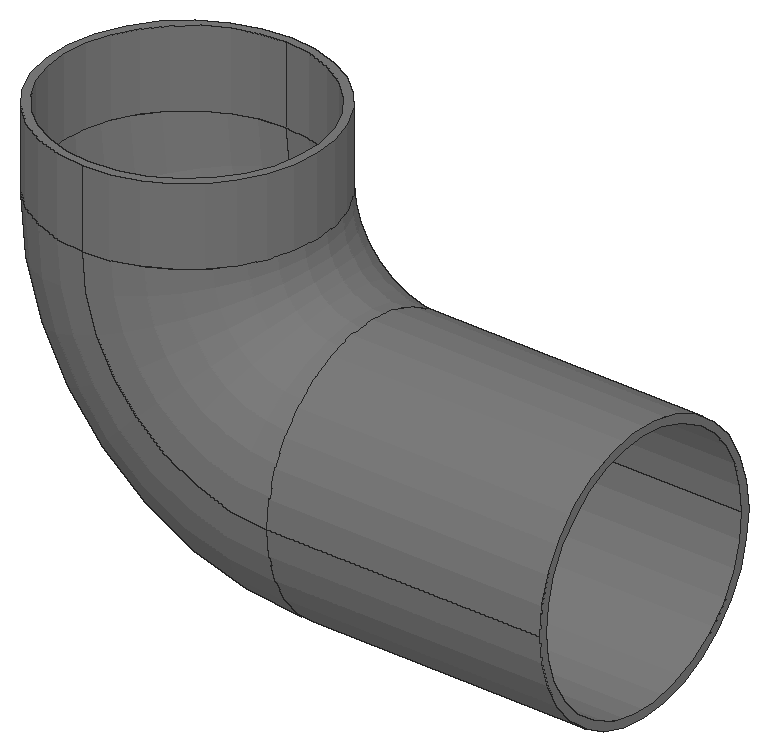
Revit family "MI-860", category Pipe Accessories, Revit 2018
Family settings
  Round Connector Dimension = Use Diameter
  Part Type = Normal
  Work Plane-Based = No
  Always vertical = Yes
  Cut with Voids When Loaded = No
  Shared = No
Parameters (values of type "MI-864_Dia-4"")
  URL = "WWW.MIFAB.COM"
  Model = "MI-864"
  Manufacturer = "MIFAB"
  Dia = A - 0' 0 15/64"  # 0' - 3 49/64"
  Description = "CAST IRON ELBOW ADAPTER"
  B = 0' - 4"
  A = 0' - 4"
Types (5): name | Model | Dia | B | A
  (no name) | "MI-864" | 0' - 3 49/64" | 0' - 4" | 0' - 4"
  MI-862_Dia-2" | "MI-862" | 0' - 1 49/64" | 0' - 3" | 0' - 2"
  MI-863_Dia-3" | "MI-863" | 0' - 2 49/64" | 0' - 3 1/2" | 0' - 3"
  MI-864_Dia-4" | "MI-864" | 0' - 3 49/64" | 0' - 4" | 0' - 4"
  MI-866_Dia-6" | "MI-866" | 0' - 5 49/64" | 0' - 5" | 0' - 6"
Reference planes (in)
  plane 1 "Center (Front/Back)": y = 0
  plane 2: z = 0
  plane 3 "Center (Left/Right)": x = 0
  plane 4: x = 7
  plane 5: z = 4
  plane 6: z = 2
  plane 7: z = -2
  plane 8: x = -2
  plane 9: x = 2
Forms (in)
  Sweep 1, solid, material "Poche"
    path origin (0, 0, 0) x (1, 0, 0) y (0, 0, 1)
      loop
        line (0, 4) -> (0, 2.82422)
        arc (0, 2.82422) -> (0.82719, 0.82719) -> (2.82422, 0) r 2.82422
        line (2.82422, 0) -> (7, 0)
    profile origin (0, 0, 3.41211) x (0, -1, 0) y (1, 0, 0)
      loop
        circle (0, 0) r 2
      loop
        circle (0, 0) r 1.88281
Dimensions and locks (in)
  locked: plane 4 to plane 3 "Center (Left/Right)" at 7
  "B": plane 5 to plane 2
  equal spacing: plane 6, plane 2, plane 7
  "A": plane 6 to plane 7
  equal spacing: plane 8, plane 3 "Center (Left/Right)", plane 9
  "A": plane 9 to plane 8
  "A": diameter of Sweep 1 sketch curve
  "Dia": diameter of Sweep 1 sketch curve
  aligned and locked: level to plane 2
  aligned and locked: Sweep 1 sketch curve to plane 3 "Center (Left/Right)"
  aligned and locked: Sweep 1 sketch curve to plane 2
  aligned and locked: plane 5 to Sweep 1 sketch curve
  aligned and locked: plane 4 to Sweep 1 sketch curve
Automatic sketch dimensions
  plane 6 to Sweep 1 sketch curve = 0' - 0 211/256"
  Sweep 1 sketch curve to Sweep 1 sketch curve = 0' - 0"  (x2)
  plane 1 "Center (Front/Back)" to Sweep 1 sketch curve = 0' - 0"
  Sweep 1 sketch curve to profile plane = 0' - 0"
Connectors (in)
  piping at (7, 0, 0), diameter 4, driven by "A"
    settings: on Sweep 1, index 1, connector inside diameter 609.6 mm, connector length 0' - 0", flow factor 0, pipe flow 0.0 L/s, pressure drop 0.0 Pa, fitting loss kfactor 0, connector angle 0.00°, fixture units 0, engagement length 0' - 0", angle of deflection 0.00°, flow configuration 0, flow direction 0, fitting loss method 0, system type 7, joint type 0, gender type 0, connector reference index -1, connector utility 0, adjustable connector no, is connector primary yes, connector description ""
  piping at (0, 0, 4), diameter 4, driven by "A"
    settings: on Sweep 1, index 2, connector inside diameter 609.6 mm, connector length 0' - 0", flow factor 0, pipe flow 0.0 L/s, pressure drop 0.0 Pa, fitting loss kfactor 0, connector angle 0.00°, fixture units 0, engagement length 0' - 0", angle of deflection 0.00°, flow configuration 0, flow direction 0, fitting loss method 0, system type 7, joint type 0, gender type 0, connector reference index -1, connector utility 0, adjustable connector no, is connector primary no, connector description ""
